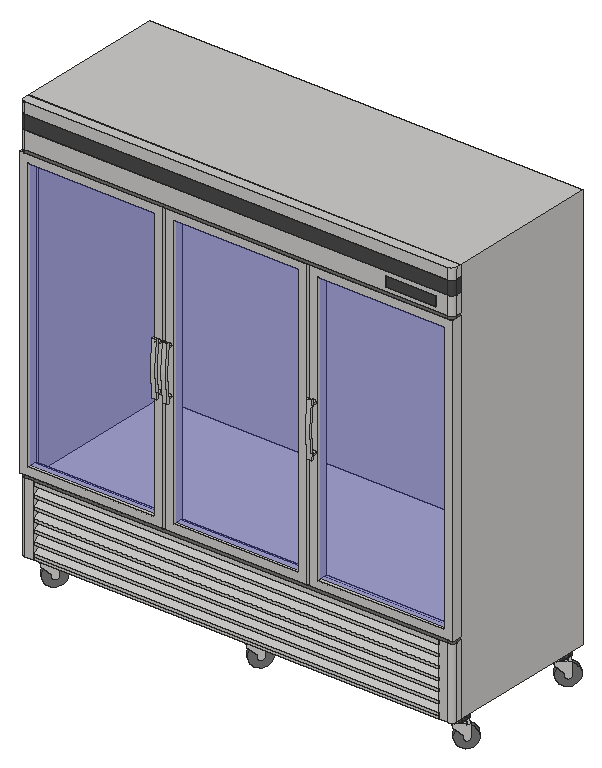
Revit family "QF_Turbo Air_MSR-72G-3", category Specialty Equipment, Revit 2012
Parameters
  Width = 81 7/8"  # constant formula
  Weight in Pounds = 680
  Watermarked By = "http://revitwatermark.com"
  Volts = 115 V
  URL Cutsheet = ""
  URL = ""
  Status [instance] = ""
  Specification by User [instance] = ""
  Specification by Manufacturer [instance] = ""
  Serial Number [instance] = ""
  Revision Code [instance] = ""
  Phase = 1
  Number of Poles [instance] = 1
  NAFEM Spec ID Number [instance] = ""
  Model = "MSR-72G-3"
  Masterspec [instance] = ""
  Manufacturer = "Turbo Air"  # constant formula
  Legs [instance] = [6 Inch Legs]  # no
  Item Number [instance] = "-"
  Installed By [instance] = ""
  HP = "2/3"
  Furnished By [instance] = ""
  Foodservice Equipment Identifier = yes
  FL Amps = 11 A
  Electrical Remarks [instance] = ""
  Electric Connection Type [instance] = ""
  Elec Conn RI Height [instance] = 0"
  Elec Conn Connection Height = 77 7/8"
  Door Height = 54 1/2"
  Description = "Refrigerator, Reach-In"
  Depth = 30 3/4"  # constant formula
  Cycle = 60 Hz
  Conn Plug = "NEMA 5-15P"
  Casters [instance] = or([4 Inch Casters], [5 Inch Casters])  # yes
  CasterLeg Height [instance] = if([4 Inch Casters], 5", if([5 Inch Casters], 5 3/4", 6"))  # 5"
  CSI MasterFormat = "11 41 13"
  Assembly Code = "E1090320"
  Apparent Power = if(Phase = 1, Volts * FL Amps * 1.73, Volts * FL Amps)  # 2188.45 VA
  6 Inch Legs [instance] = no
  5 Inch Casters [instance] = no
  4 Inch Casters [instance] = yes
Reference planes (in)
  plane 1 "BACK": y = 0.375
  plane 2 "BOTTOM": z = 0
  plane 3 "LEFT": x = -21.59155
  plane 4 "RIGHT": x = 60.28345
  plane 5 "FRONT": y = -30.375
  plane 6 "TOP": z = 83.25
  plane 7 "Bottom of Box": z = 6.25
  plane 8 "Back of Door": y = -28.375
  plane 9 "Bottom of Top Reach-In": z = 75.125
  plane 10 "Bottom of Door": z = 20.125
  plane 11 "Bottom of Bottom Reach-In": z = 6.75
  plane 12: z = 19.625
  plane 13: y = 0.125
  plane 14 "Top 1": z = 81.25
  plane 15 "Top 2": z = 78.625
  plane 16: x = 19.34595
  plane 17: x = 5.70012
  plane 18: x = 32.99179
  plane 19: x = 5.95012
  plane 20: x = 5.45012
  plane 21: x = 33.24179
  plane 22: x = 32.74179
  plane 23: z = 74.625
  plane 24: y = -55.875
  plane 25: z = 5
Forms (in)
  Extrusion 1, solid, material "QF_Finishes_Stainless Steel"
    sketch origin (0, -28.375, 0) x (1, 0, 0) y (0, 0, 1)
      loop
        line (-19.02905, 19.625) -> (-19.02905, 18.75) -> (57.72095, 18.75) -> (57.72095, 19.625) -> (-19.02905, 19.625)
    from 0 to 2
  Blend 2, solid, material "QF_Finishes_Stainless Steel"
    base sketch origin (0, -28.375, 1.5) x (1, 0, 0) y (0, 0, 1)
      loop
        line (-19.02905, 17.25) -> (-19.02905, 15.25) -> (57.72095, 15.25) -> (57.72095, 17.25) -> (-19.02905, 17.25)
    top sketch origin (0, -28.375, 1.5) x (1, 0, 0) y (0, 0, 1)
      loop
        line (-19.02905, 15.25) -> (57.72095, 15.25) -> (57.72095, 15.75) -> (-19.02905, 15.75) -> (-19.02905, 15.25)
    from 0 to 2
  Blend 3, solid, material "QF_Finishes_Stainless Steel"
    base sketch origin (0, -28.375, -0.5) x (1, 0, 0) y (0, 0, 1)
      loop
        line (-19.02905, 17.25) -> (-19.02905, 15.25) -> (57.72095, 15.25) -> (57.72095, 17.25) -> (-19.02905, 17.25)
    top sketch origin (0, -28.375, -0.5) x (1, 0, 0) y (0, 0, 1)
      loop
        line (-19.02905, 15.25) -> (57.72095, 15.25) -> (57.72095, 15.75) -> (-19.02905, 15.75) -> (-19.02905, 15.25)
    from 0 to 2
  Blend 4, solid, material "QF_Finishes_Stainless Steel"
    base sketch origin (0, -28.375, -2.5) x (1, 0, 0) y (0, 0, 1)
      loop
        line (-19.02905, 17.25) -> (-19.02905, 15.25) -> (57.72095, 15.25) -> (57.72095, 17.25) -> (-19.02905, 17.25)
    top sketch origin (0, -28.375, -2.5) x (1, 0, 0) y (0, 0, 1)
      loop
        line (-19.02905, 15.25) -> (57.72095, 15.25) -> (57.72095, 15.75) -> (-19.02905, 15.75) -> (-19.02905, 15.25)
    from 0 to 2
  Blend 5, solid, material "QF_Finishes_Stainless Steel"
    base sketch origin (0, -28.375, -4.5) x (1, 0, 0) y (0, 0, 1)
      loop
        line (-19.02905, 17.25) -> (-19.02905, 15.25) -> (57.72095, 15.25) -> (57.72095, 17.25) -> (-19.02905, 17.25)
    top sketch origin (0, -28.375, -4.5) x (1, 0, 0) y (0, 0, 1)
      loop
        line (-19.02905, 15.25) -> (57.72095, 15.25) -> (57.72095, 15.75) -> (-19.02905, 15.75) -> (-19.02905, 15.25)
    from 0 to 2
  Blend 6, solid, material "QF_Finishes_Stainless Steel"
    base sketch origin (0, -28.375, -6.5) x (1, 0, 0) y (0, 0, 1)
      loop
        line (-19.02905, 17.25) -> (-19.02905, 15.25) -> (57.72095, 15.25) -> (57.72095, 17.25) -> (-19.02905, 17.25)
    top sketch origin (0, -28.375, -6.5) x (1, 0, 0) y (0, 0, 1)
      loop
        line (-19.02905, 15.25) -> (57.72095, 15.25) -> (57.72095, 15.75) -> (-19.02905, 15.75) -> (-19.02905, 15.25)
    from 0 to 2
  Blend 7, solid, material "QF_Finishes_Stainless Steel"
    base sketch origin (0, -28.375, -8.5) x (1, 0, 0) y (0, 0, 1)
      loop
        line (-19.02905, 17.25) -> (-19.02905, 15.25) -> (57.72095, 15.25) -> (57.72095, 17.25) -> (-19.02905, 17.25)
    top sketch origin (0, -28.375, -8.5) x (1, 0, 0) y (0, 0, 1)
      loop
        line (-19.02905, 15.25) -> (57.72095, 15.25) -> (57.72095, 15.75) -> (-19.02905, 15.75) -> (-19.02905, 15.25)
    from 0 to 2
  Extrusion 8, solid, material "QF_Finishes_Stainless Steel"
    sketch origin (0, 0.375, 0) x (1, 0, 0) y (0, 0, 1)
      loop
        circle (-17.71449, 77.3727) r 0.25
    from 0 to -0.25
  Extrusion 9, solid, material "QF_Finishes_Stainless Steel"
    sketch origin (0, 0.375, 0) x (1, 0, 0) y (0, 0, 1)
      loop
        line (-21.59155, 83.25) -> (-21.59155, 19.625) -> (60.28345, 19.625) -> (60.28345, 83.25) -> (-21.59155, 83.25)
      loop
        line (58.28345, 20.125) -> (58.28345, 81.25) -> (-19.59155, 81.25) -> (-19.59155, 20.125) -> (58.28345, 20.125)
    from 0 to 28.75
  Extrusion 10, solid, material "QF_Finishes_Stainless Steel"
    sketch origin (0, 0.375, 0) x (1, 0, 0) y (0, 0, 1)
      loop
        line (-19.59155, 81.25) -> (-19.59155, 20.125) -> (58.28345, 20.125) -> (58.28345, 81.25) -> (-19.59155, 81.25)
    from 0 to 0.25
  Extrusion 11, solid, material "QF_Finishes_Stainless Steel"
    sketch origin (0, 0, 6.25) x (0, 1, 0) y (-1, 0, 0)
      loop
        line (0.375, 21.59155) -> (-28.375, 21.59155) -> (-28.375, -60.28345) -> (0.375, -60.28345) -> (0.375, 21.59155)
    from 0 to 13.375
  Extrusion 12, solid, material "QF_Finishes_Stainless Steel"
    sketch origin (0, 0, 6.25) x (0, 1, 0) y (-1, 0, 0)
      loop
        line (-28.375, 21.59155) -> (-29.375, 21.59155)
        arc (-29.375, 21.59155) -> (-30.08211, 21.29865) -> (-30.375, 20.59155) r 1
        line (-30.375, 20.59155) -> (-30.375, 19.02905) -> (-28.375, 19.02905) -> (-28.375, 21.59155)
      loop
        line (-28.375, -60.28345) -> (-28.375, -57.72095) -> (-30.375, -57.72095) -> (-30.375, -59.28345)
        arc (-30.375, -59.28345) -> (-30.08211, -59.99056) -> (-29.375, -60.28345) r 1
        line (-29.375, -60.28345) -> (-28.375, -60.28345)
    from 0 to 13.375
  Extrusion 13, solid, material "QF_Finishes_Stainless Steel"
    sketch origin (0, -30.375, 0) x (1, 0, 0) y (0, 0, 1)
      loop
        line (-19.02905, 6.75) -> (-19.02905, 6.25) -> (57.72095, 6.25) -> (57.72095, 6.75) -> (-19.02905, 6.75)
    from 0 to -2
  Extrusion 14, solid, material "QF_Finishes_Stainless Steel"
    sketch origin (0, 0, 83.25) x (0, 1, 0) y (-1, 0, 0)
      loop
        line (-28.375, 21.59155) -> (-29.375, 21.59155)
        arc (-29.375, 21.59155) -> (-30.08211, 21.29865) -> (-30.375, 20.59155) r 1
        line (-30.375, 20.59155) -> (-30.375, -59.28345)
        arc (-30.375, -59.28345) -> (-30.08211, -59.99056) -> (-29.375, -60.28345) r 1
        line (-29.375, -60.28345) -> (-28.375, -60.28345) -> (-28.375, 21.59155)
    from 0 to -2
  Extrusion 15, solid, material "QF_Finishes_Black"
    sketch origin (0, 0, 81.25) x (-1, 0, 0) y (0, -1, 0)
      loop
        line (21.59155, 28.375) -> (21.59155, 29.375)
        arc (21.59155, 29.375) -> (21.29865, 30.08211) -> (20.59155, 30.375) r 1
        line (20.59155, 30.375) -> (-59.28345, 30.375)
        arc (-59.28345, 30.375) -> (-59.99056, 30.08211) -> (-60.28345, 29.375) r 1
        line (-60.28345, 29.375) -> (-60.28345, 28.375) -> (21.59155, 28.375)
    from 0 to -2.625
  Extrusion 16, solid, material "QF_Finishes_Stainless Steel"
    sketch origin (0, 0, 78.625) x (-1, 0, 0) y (0, -1, 0)
      loop
        line (21.59155, 28.375) -> (21.59155, 29.375)
        arc (21.59155, 29.375) -> (21.29865, 30.08211) -> (20.59155, 30.375) r 1
        line (20.59155, 30.375) -> (-59.28345, 30.375)
        arc (-59.28345, 30.375) -> (-59.99056, 30.08211) -> (-60.28345, 29.375) r 1
        line (-60.28345, 29.375) -> (-60.28345, 28.375) -> (21.59155, 28.375)
    from 0 to -3.5
  Extrusion 17, void
    sketch origin (0, -28.375, 0) x (1, 0, 0) y (0, 0, 1)
      loop
        line (47.65845, 77.75) -> (47.65845, 75.9375) -> (57.15845, 75.9375) -> (57.15845, 77.75) -> (47.65845, 77.75)
    from 0 to 2
  Extrusion 18, solid, material "QF_Finishes_Black"
    sketch origin (0, -28.375, 0) x (1, 0, 0) y (0, 0, 1)
      loop
        line (47.65845, 77.75) -> (47.65845, 75.9375) -> (57.15845, 75.9375) -> (57.15845, 77.75) -> (47.65845, 77.75)
    from 0 to 2
  Extrusion 19, solid, material "QF_Finishes_Dark Grey"
    sketch origin (0, 0, 75.125) x (0, 1, 0) y (-1, 0, 0)
      loop
        line (-28.375, 21.59155) -> (-29.375, 21.59155)
        arc (-29.375, 21.59155) -> (-30.08211, 21.29865) -> (-30.375, 20.59155) r 1
        line (-30.375, 20.59155) -> (-30.375, -59.27304)
        arc (-30.375, -59.27304) -> (-30.08211, -59.98014) -> (-29.375, -60.27304) r 1
        line (-29.375, -60.27304) -> (-28.375, -60.27304) -> (-28.375, 21.59155)
    from 0 to -0.5
  Extrusion 20, solid, material "QF_Finishes_Dark Grey"
    sketch origin (0, 0, 20.125) x (0, 1, 0) y (-1, 0, 0)
      loop
        line (-28.375, 21.59155) -> (-29.375, 21.59155)
        arc (-29.375, 21.59155) -> (-30.08211, 21.29865) -> (-30.375, 20.59155) r 1
        line (-30.375, 20.59155) -> (-30.375, -59.27304)
        arc (-30.375, -59.27304) -> (-30.08211, -59.98014) -> (-29.375, -60.27304) r 1
        line (-29.375, -60.27304) -> (-28.375, -60.27304) -> (-28.375, 21.59155)
    from 0 to -0.5
  Extrusion 21, solid, material "QF_Finishes_Dark Grey"
    sketch origin (0, -28.375, 0) x (1, 0, 0) y (0, 0, 1)
      loop
        line (5.4397, 74.625) -> (5.4397, 20.125) -> (5.95012, 20.125) -> (5.95012, 74.625) -> (5.4397, 74.625)
      loop
        line (32.74179, 75.375) -> (32.74179, 20.125) -> (33.24179, 20.125) -> (33.24179, 75.375) -> (32.74179, 75.375)
    from 0 to 0.65786
  Extrusion 22, solid, material "QF_Finishes_Black"
    sketch origin (-21.59155, 0, 0) x (0, 1, 0) y (0, 0, 1)
      loop
        line (-3.625, 5) -> (-1.625, 5) -> (-1.625, 6.25) -> (-1.75, 6.25) -> (-1.75, 5.125) -> (-3.5, 5.125) -> (-3.5, 6.25) -> (-3.625, 6.25) -> (-3.625, 5)
      loop
        line (-27.625, 5) -> (-25.625, 5) -> (-25.625, 6.25) -> (-25.75, 6.25) -> (-25.75, 5.125) -> (-27.5, 5.125) -> (-27.5, 6.25) -> (-27.625, 6.25) -> (-27.625, 5)
    from 0.5 to 81.375
Cuts and joins
  joined: Extrusion 9, Extrusion 10, Extrusion 11
  Extrusion 17 cuts Extrusion 16
Lines and regions (in)
  symbolic lines
    curve 1: line (60.28345, 0.375, 6.75) -> (-21.59155, 0.375, 6.75)
    curve 2: line (-21.59155, 0.375, 6.75) -> (-21.59155, -28.375, 6.75)
    curve 3: line (60.28345, -28.375, 6.75) -> (60.28345, 0.375, 6.75)
    curve 4: line (60.28345, -29.375, 6.75) -> (60.28345, -28.375, 6.75)
    curve 5: arc (60.28345, -29.375, 6.75) -> (59.99056, -30.08211, 6.75) -> (59.28345, -30.375, 6.75) r 1
    curve 6: line (-20.59155, -30.375, 6.75) -> (59.28345, -30.375, 6.75)
    curve 7: arc (-20.59155, -30.375, 6.75) -> (-21.29865, -30.08211, 6.75) -> (-21.59155, -29.375, 6.75) r 1
    curve 8: line (-21.59155, -28.375, 6.75) -> (-21.59155, -29.375, 6.75)
  symbolic lines, style "QF_Surface Details"
    curve 9: line (-21.59155, -28.375, 6.75) -> (60.28345, -28.375, 6.75)
  symbolic lines, style "QF_Clearances", detail levels coarse
    curve 10: line (-21.59155, -30.375, 75.125) -> (-21.59155, -55.875, 75.125)
    curve 11: line (32.74179, -30.375, 75.125) -> (32.74179, -55.875, 75.125)
    curve 12: line (60.27304, -30.375, 75.125) -> (60.27304, -55.875, 75.125)
    curve 16: arc (5.4397, -30.375, 75.125) -> (-2.3984, -49.14345, 75.125) -> (-21.59155, -55.875, 75.125) r 25
    curve 17: arc (5.95012, -30.375, 75.125) -> (13.70799, -49.04855, 75.125) -> (32.74179, -55.875, 75.125) r 25
    curve 18: arc (33.24179, -30.375, 75.125) -> (41.07989, -49.14345, 75.125) -> (60.27304, -55.875, 75.125) r 25
  symbolic lines, style "QF_Clearances", detail levels medium+fine
    curve 13: line (60.27304, -30.375, 75.125) -> (33.24179, -30.375, 75.125)
    curve 14: line (32.74179, -30.375, 75.125) -> (5.95012, -30.375, 75.125)
    curve 15: line (5.4397, -30.375, 75.125) -> (-21.59155, -30.375, 75.125)
Dimensions and locks (in)
  "Width": plane 4 "RIGHT" to plane 3 "LEFT"
  "Depth": plane 5 "FRONT" to plane 1 "BACK"
  locked: plane 3 "LEFT" to nested 1 at 2
  locked: nested 1 to plane 1 "BACK" at 3
  locked: nested 2 to plane 4 "RIGHT" at 2
  locked: nested 2 to plane 1 "BACK" at 3
  locked: plane 3 "LEFT" to nested 3 at 2
  locked: nested 4 to plane 4 "RIGHT" at 2
  locked: plane 11 "Bottom of Bottom Reach-In" to plane 7 "Bottom of Box" at 0.5
  locked: plane 10 "Bottom of Door" to plane 11 "Bottom of Bottom Reach-In" at 13.375
  locked: plane 10 "Bottom of Door" to plane 12 at 0.5
  locked: Extrusion 1 sketch curve to Extrusion 1 sketch curve at 0.875
  locked: Extrusion 9 sketch curve to Extrusion 9 sketch curve at 2  (x3)
  locked: plane 6 "TOP" to plane 14 "Top 1" at 2
  locked: plane 14 "Top 1" to plane 15 "Top 2" at 2.625
  locked: plane 5 "FRONT" to nested 3 at 3.75
  locked: plane 5 "FRONT" to nested 4 at 3.75
  locked: Extrusion 17 sketch curve to plane 4 "RIGHT" at 3.125
  locked: Extrusion 17 sketch curve to Extrusion 17 sketch curve at 9.5
  locked: Extrusion 18 sketch curve to plane 4 "RIGHT" at 3.125
  locked: Extrusion 18 sketch curve to Extrusion 18 sketch curve at 9.5
  locked: plane 15 "Top 2" to Extrusion 18 sketch curve at 0.875
  locked: Extrusion 18 sketch curve to plane 9 "Bottom of Top Reach-In" at 0.8125
  locked: plane 15 "Top 2" to Extrusion 17 sketch curve at 0.875
  locked: Extrusion 17 sketch curve to plane 9 "Bottom of Top Reach-In" at 0.8125
  equal spacing: plane 3 "LEFT", plane 16, plane 4 "RIGHT"
  locked: plane 5 "FRONT" to nested 6 at 3.75
  locked: nested 5 to plane 1 "BACK" at 3
  equal spacing: plane 3 "LEFT", plane 17, plane 18, plane 4 "RIGHT"
  plane 21 to plane 4 "RIGHT" = 27.04167"
  locked: plane 9 "Bottom of Top Reach-In" to plane 23 at 0.5
  plane 24 to plane 5 "FRONT" = 25 1/2"
  locked: plane 23 to plane 10 "Bottom of Door" at 54.5
  locked: plane 15 "Top 2" to plane 9 "Bottom of Top Reach-In" at 3.5
  plane 13 to plane 1 "BACK" = 1/4"
  locked: plane 5 "FRONT" to plane 8 "Back of Door" at 2
  locked: plane 7 "Bottom of Box" to plane 25 at 1.25
  "CasterLeg Height": plane 25 to level
  locked: Extrusion 22 sketch curve to plane 25 at 0.125  (x2)
  locked: plane 4 "RIGHT" to Extrusion 22 at 0.5
  aligned and locked: level to plane 2 "BOTTOM"
  aligned and locked: plane 5 "FRONT" to Extrusion 1
  aligned and locked: Blend 2 sketch curve to var sketch  (x2)
  aligned and locked: plane 5 "FRONT" to Blend 2
  aligned and locked: Blend 3 sketch curve to var sketch  (x2)
  aligned and locked: Blend 4 sketch curve to var sketch  (x2)
  aligned and locked: Blend 5 sketch curve to var sketch  (x2)
  aligned and locked: Blend 6 sketch curve to var sketch  (x2)
  aligned and locked: Blend 7 sketch curve to var sketch  (x2)
  aligned and locked: Extrusion 9 sketch curve to plane 4 "RIGHT"
  aligned and locked: plane 12 to Extrusion 9 sketch curve
  aligned and locked: Extrusion 10 sketch curve to Extrusion 9  (x4)
  aligned and locked: plane 13 to Extrusion 10
  aligned and locked: Extrusion 11 sketch curve to curve 1
  aligned and locked: Extrusion 11 sketch curve to curve 2
  aligned and locked: Extrusion 11 sketch curve to curve 3
  aligned and locked: plane 12 to Extrusion 11
  aligned and locked: Extrusion 12 sketch curve to plane 3 "LEFT"
  aligned and locked: Extrusion 12 sketch curve to plane 5 "FRONT"
  aligned and locked: Extrusion 12 sketch curve to plane 4 "RIGHT"
  aligned and locked: plane 5 "FRONT" to Extrusion 12 sketch curve
  aligned and locked: plane 12 to Extrusion 12
  aligned and locked: Extrusion 13 sketch curve to Blend 7  (x2)
  aligned and locked: Extrusion 13 sketch curve to Extrusion 12
  aligned and locked: Extrusion 12 to Extrusion 13 sketch curve
  aligned and locked: Extrusion 13 to plane 8 "Back of Door"
  aligned and locked: plane 8 "Back of Door" to Extrusion 9
  aligned and locked: Extrusion 14 sketch curve to curve 9
  aligned and locked: Extrusion 14 sketch curve to curve 2
  aligned and locked: Extrusion 14 sketch curve to plane 5 "FRONT"
  aligned and locked: Extrusion 14 sketch curve to plane 4 "RIGHT"
  aligned and locked: Extrusion 14 to plane 14 "Top 1"
  aligned and locked: Extrusion 15 sketch curve to plane 4 "RIGHT"
  aligned and locked: Extrusion 15 sketch curve to plane 5 "FRONT"
  aligned and locked: plane 8 "Back of Door" to Extrusion 15 sketch curve
  aligned and locked: plane 3 "LEFT" to Extrusion 15 sketch curve
  aligned and locked: Extrusion 15 to plane 15 "Top 2"
  aligned and locked: Extrusion 16 sketch curve to curve 9
  aligned and locked: Extrusion 16 sketch curve to curve 2
  aligned and locked: Extrusion 16 sketch curve to plane 5 "FRONT"
  aligned and locked: Extrusion 16 sketch curve to plane 4 "RIGHT"
  aligned and locked: Extrusion 16 to plane 9 "Bottom of Top Reach-In"
  aligned and locked: plane 5 "FRONT" to Extrusion 17
  aligned and locked: plane 5 "FRONT" to Extrusion 18
  aligned and locked: plane 5 "FRONT" to Blend 3
  aligned and locked: plane 5 "FRONT" to Blend 4
  aligned and locked: plane 5 "FRONT" to Blend 5
  aligned and locked: plane 5 "FRONT" to Blend 6
  aligned and locked: plane 5 "FRONT" to Blend 7
  aligned and locked: plane 16 to nested 5
  aligned and locked: plane 16 to nested 6
  aligned and locked: Extrusion 19 to plane 23
  aligned and locked: Extrusion 20 sketch curve to curve 9
  aligned and locked: Extrusion 20 sketch curve to curve 2
  aligned and locked: Extrusion 20 to plane 12
  aligned and locked: Extrusion 21 sketch curve to plane 23
  aligned and locked: nested 7 to plane 5 "FRONT"
  aligned and locked: plane 5 "FRONT" to nested 8
  aligned and locked: plane 5 "FRONT" to nested 9
  aligned and locked: nested 7 to plane 8 "Back of Door"
  aligned and locked: plane 8 "Back of Door" to nested 8
  aligned and locked: plane 8 "Back of Door" to nested 9
  aligned and locked: nested 7 to plane 23
  aligned and locked: plane 10 "Bottom of Door" to nested 7
  aligned and locked: plane 23 to nested 8
  aligned and locked: nested 8 to plane 10 "Bottom of Door"
  aligned and locked: plane 23 to nested 9
  aligned and locked: nested 9 to plane 10 "Bottom of Door"
  aligned and locked: plane 3 "LEFT" to nested 7
  aligned and locked: plane 20 to nested 7
  aligned and locked: plane 19 to nested 8
  aligned and locked: plane 22 to nested 8
  aligned and locked: plane 21 to nested 9
  aligned and locked: plane 4 "RIGHT" to nested 9
  aligned and locked: Extrusion 22 sketch curve to plane 7 "Bottom of Box"  (x4)
  aligned and locked: plane 25 to Extrusion 22 sketch curve  (x2)
Automatic sketch dimensions
  Blend 2 sketch curve to plane 12 = 2 7/8"  (x2)
  Blend 2 sketch curve to plane 12 = 7/8"
  Blend 2 sketch curve to Blend 2 sketch curve = 1/2"
  plane 3 "LEFT" to Blend 3 sketch curve = 2 9/16"
  Blend 3 sketch curve to plane 4 "RIGHT" = 2 9/16"
  Blend 3 sketch curve to plane 12 = 4 7/8"  (x2)
  Blend 3 sketch curve to Blend 3 sketch curve = 2"
  Blend 3 sketch curve to Blend 3 sketch curve = 1/2"
  plane 3 "LEFT" to Blend 4 sketch curve = 2 9/16"
  Blend 4 sketch curve to plane 4 "RIGHT" = 2 9/16"
  plane 11 "Bottom of Bottom Reach-In" to Blend 4 sketch curve = 6"  (x2)
  Blend 4 sketch curve to Blend 4 sketch curve = 2"
  Blend 4 sketch curve to Blend 4 sketch curve = 1/2"
  plane 3 "LEFT" to Blend 5 sketch curve = 2 9/16"
  Blend 5 sketch curve to plane 4 "RIGHT" = 2 9/16"
  plane 11 "Bottom of Bottom Reach-In" to Blend 5 sketch curve = 4"  (x2)
  Blend 5 sketch curve to Blend 5 sketch curve = 2"
  Blend 5 sketch curve to Blend 5 sketch curve = 1/2"
  plane 3 "LEFT" to Blend 6 sketch curve = 2 9/16"
  Blend 6 sketch curve to plane 4 "RIGHT" = 2 9/16"
  plane 11 "Bottom of Bottom Reach-In" to Blend 6 sketch curve = 2"  (x2)
  Blend 6 sketch curve to Blend 6 sketch curve = 2"
  Blend 6 sketch curve to Blend 6 sketch curve = 1/2"
  Blend 7 sketch curve to plane 11 "Bottom of Bottom Reach-In" = 0"  (x2)
  plane 3 "LEFT" to Blend 7 sketch curve = 2 9/16"
  Blend 7 sketch curve to plane 4 "RIGHT" = 2 9/16"
  plane 11 "Bottom of Bottom Reach-In" to Blend 7 sketch curve = 2"
  plane 11 "Bottom of Bottom Reach-In" to Blend 7 sketch curve = 1/2"
  plane 8 "Back of Door" to curve 9 = 0"
  plane 3 "LEFT" to curve 7 = 1"
  curve 4 to plane 5 "FRONT" = 1"
  plane 3 "LEFT" to Extrusion 8 sketch curve = 3.87706"
  plane 9 "Bottom of Top Reach-In" to Extrusion 8 sketch curve = 2.2477"
  plane 1 "BACK" to curve 2 = 0"
  Extrusion 1 sketch curve to plane 12 = 0"
  plane 8 "Back of Door" to Extrusion 12 sketch curve = 0"  (x2)
  Extrusion 12 sketch curve to Extrusion 12 sketch curve = 1 9/16"  (x2)
  Extrusion 9 sketch curve to plane 10 "Bottom of Door" = 0"
  plane 5 "FRONT" to curve 7 = 0"
  curve 8 to plane 3 "LEFT" = 0"
  curve 1 to plane 4 "RIGHT" = 0"
  Extrusion 9 sketch curve to plane 3 "LEFT" = 0"
  Extrusion 9 sketch curve to plane 14 "Top 1" = 0"
  plane 8 "Back of Door" to Extrusion 11 sketch curve = 0"
  Extrusion 14 sketch curve to plane 5 "FRONT" = 1"  (x2)
  Extrusion 1 sketch curve to plane 4 "RIGHT" = 2 9/16"
  Blend 2 sketch curve to plane 4 "RIGHT" = 2 9/16"
  Extrusion 12 sketch curve to plane 4 "RIGHT" = 1"
  Extrusion 15 sketch curve to Extrusion 15 sketch curve = 1"
  Extrusion 16 sketch curve to plane 4 "RIGHT" = 1"
  plane 3 "LEFT" to Extrusion 1 sketch curve = 2 9/16"
  plane 3 "LEFT" to Blend 2 sketch curve = 2 9/16"
  plane 3 "LEFT" to Extrusion 12 sketch curve = 1"
  plane 3 "LEFT" to Extrusion 15 sketch curve = 1"
  plane 3 "LEFT" to Extrusion 16 sketch curve = 1"
  plane 5 "FRONT" to Extrusion 19 sketch curve = 0"
  Extrusion 19 sketch curve to plane 3 "LEFT" = 0"
  plane 8 "Back of Door" to Extrusion 19 sketch curve = 0"
  Extrusion 19 sketch curve to plane 5 "FRONT" = 1"  (x2)
  Extrusion 19 sketch curve to plane 4 "RIGHT" = 0.01042"
  Extrusion 20 sketch curve to plane 5 "FRONT" = 1"  (x2)
  Extrusion 21 sketch curve to plane 10 "Bottom of Door" = 0"  (x2)
  curve 10 to plane 3 "LEFT" = 0"
  plane 24 to curve 10 = 0"
  curve 11 to plane 22 = 0"
  plane 24 to curve 11 = 0"
  plane 24 to curve 12 = 0"
  plane 5 "FRONT" to curve 12 = 0"
  plane 5 "FRONT" to curve 15 = 0"
  plane 5 "FRONT" to curve 11 = 0"
  curve 18 to plane 21 = 0"
  curve 17 to plane 19 = 0"
  plane 5 "FRONT" to curve 16 = 0.58321"
  plane 5 "FRONT" to curve 17 = 0.56474"
  plane 8 "Back of Door" to curve 18 = 2.58321"
  curve 12 to plane 4 "RIGHT" = 0.01042"
  curve 16 to plane 20 = 0.01042"
  plane 5 "FRONT" to Extrusion 20 sketch curve = 0"
  Extrusion 20 sketch curve to plane 4 "RIGHT" = 1.01042"
  Extrusion 21 sketch curve to plane 19 = 0"
  Extrusion 21 sketch curve to plane 22 = 0"
  Extrusion 21 sketch curve to plane 21 = 0"
  Extrusion 21 sketch curve to plane 20 = 0.01042"
  plane 9 "Bottom of Top Reach-In" to Extrusion 21 sketch curve = 1/4"
  Extrusion 22 sketch curve to plane 8 "Back of Door" = 3/4"
  Extrusion 22 sketch curve to Extrusion 22 sketch curve = 1/8"  (x4)
  Extrusion 22 sketch curve to Extrusion 22 sketch curve = 1 3/4"  (x2)
  plane 13 to Extrusion 22 sketch curve = 3 3/4"
  radius of Extrusion 8 sketch curve = 1/4"
Nested families (in)
  nested 1: "FESCasterLeg" at (-19.59155, -2.625, 0), Height <- "CasterLeg Height", Legs <- "Legs", Casters <- "Casters", type "FESCasterLeg"
    with Legs no, Height 5", Casters yes, Caster Radius 2"
  nested 2: "FESCasterLeg" at (58.28345, -2.625, 0), Height <- "CasterLeg Height", Legs <- "Legs", Casters <- "Casters", type "FESCasterLeg"
    with Legs no, Height 5", Casters yes, Caster Radius 2"
  nested 3: "FESCasterLeg" at (-19.59155, -26.625, 0), Height <- "CasterLeg Height", Legs <- "Legs", Casters <- "Casters", type "FESCasterLeg"
    with Legs no, Height 5", Casters yes, Caster Radius 2"
  nested 4: "FESCasterLeg" at (58.28345, -26.625, 0), Height <- "CasterLeg Height", Legs <- "Legs", Casters <- "Casters", type "FESCasterLeg"
    with Legs no, Height 5", Casters yes, Caster Radius 2"
  nested 5: "FESCasterLeg" at (19.34595, -2.625, 0), Height <- "CasterLeg Height", Legs <- "Legs", Casters <- "Casters", type "FESCasterLeg"
    with Legs no, Height 5", Casters yes, Caster Radius 2"
  nested 6: "FESCasterLeg" at (19.34595, -26.625, 0), Height <- "CasterLeg Height", Legs <- "Legs", Casters <- "Casters", type "FESCasterLeg"
    with Legs no, Height 5", Casters yes, Caster Radius 2"
  nested 7: "QF_Turbo Air_MSRG_Glass-Door" at (-9.72654, -28.375, 20.125) x (-1, 0, 0) z (0, 0, 1), Height <- "Door Height", type "QF_Turbo Air_MSRG_Glass-Door"
    with Width 27.04167", Symbolic Lines yes, Height 54 1/2", Depth 2"
  nested 8: "QF_Turbo Air_MSRG_Glass-Door" at (21.12679, -28.375, 20.125), Height <- "Door Height", type "QF_Turbo Air_MSRG_Glass-Door"
    with Width 26.79167", Symbolic Lines yes, Height 54 1/2", Depth 2"
  nested 9: "QF_Turbo Air_MSRG_Glass-Door" at (48.41845, -28.375, 20.125), Height <- "Door Height", type "QF_Turbo Air_MSRG_Glass-Door"
    with Width 27.04167", Symbolic Lines yes, Height 54 1/2", Depth 2"
Connectors (in)
  electrical at (-17.71449, 0.625, 77.3727), driven by "Number of Poles", driven by "Volts", driven by "Apparent Power"
    settings: on Extrusion 8, index 1, voltage 115 V, apparent load 2188.45 VA, apparent load phase1 0 VA, apparent load phase2 0 VA, apparent load phase3 0 VA, power factor 1, load classification "Other", number of poles 1, system type 30, power factor state 1, is connector primary yes, connector utility no, sub classification motor no, connector description "ELECTRIC"
Definition of nested family "FESCasterLeg"
  Parameters (values of type "FESCasterLeg")
    Watermarked By = "http://revitwatermark.com"
    Type Comments = "⍁⍉⌁⌀⏭⎽⌇⍠⌜⍉⎖⌥⌦⌯⍭⏊⍻⍿⍊⏵⍊⏗⏠⍴⎡⌈⎀⍠⌓⌤⏘⎐⍀⌐⏬⏁⎈⏍⏦⎒⏬⌝⍩⍇⌣〈⎫〉⎁⏊⍥⍖⍥⍝⍦⌖⍀⏌⏭⎝⎼⏷⏞⍻⏯⎽⏷⏞⍻⏯⎽⏷⎺⌻⎝⍎⌧⏷⏟⏿⌿⍜⍦⍤⌁⍬⏶⏎⍊⏚⏉⎞⌡⎀⎪⏈⌟⌿⍾⍼⌟⌿⌢⌞⏜⏝⎽⍷⍷⍯⍧⍷⌯⍽⏸⏨⏾⏎⌣⏺⍹⏼⏅⎏⌽⎫⎪⍙⎓⏗⎗⏅⌴⍏⍏⍿⏑⎺⍘⌭⏲⍥⎛⎾⎾⍞⍌⎪⎲⌙⎥⏏⎟⎟⏼⏘⎏⎝⏧⏍⏁⍏⍧⏯⏾⌟"
    Legs [instance] = yes
    Height [instance] = 6"
    Caster Radius [instance] = if(Height < 3", 1", (Height / 2) - 1/2")  # 2 1/2"
    Casters [instance] = yes
    Assembly Code = ""
  Reference planes (in)
    plane 1 "Center (Front/Back)": y = 0
    plane 2: z = 0
    plane 3 "Center (Left/Right)": x = 0
    plane 4: z = 6
    plane 5: z = 5.5
  Forms (in)
    Extrusion 1, solid, material "QF_Finishes_Stainless Steel", visible <- "Casters"
      sketch origin (-24.12131, -22.88887, 10.18833) x (0.707107, 0.707107, 0) y (0, 0, 1)
        loop
          line (34.98772, -7.68833) -> (34.98772, -4.93833) -> (34.48772, -4.93833) -> (34.39402, -4.68833) -> (32.39402, -4.68833) -> (32.39402, -5.43833) -> (33.98772, -7.34206) -> (33.98772, -7.68833)
          arc (33.98772, -7.68833) -> (34.48772, -8.18833) -> (34.98772, -7.68833) r 0.5
      from 0 to 1.75
    Extrusion 2, solid, material "QF_Finishes_Rubber Black", visible <- "Casters"
      sketch origin (-24.32327, -23.09083, 13.31461) x (0.707107, 0.707107, 0) y (0, 0, 1)
        loop
          circle (34.77334, -10.81461) r 2.5
      from 0.375 to 1.375
    Extrusion 3, solid, material "QF_Finishes_Stainless Steel", visible <- "Casters"
      sketch origin (-7.24148, -8.48391, 0) x (0.707107, 0.707107, 0) y (0, 0, 1)
        loop
          line (10.61603, 5.5) -> (11.61603, 5.5) -> (11.61603, 6) -> (10.61603, 6) -> (10.61603, 5.5)
      from 0 to -1.75
    Blend 4, solid, material "QF_Finishes_Stainless Steel", visible <- "Legs"
      base sketch origin (0, 0, 0) x (1, 0, 0) y (0, 1, 0)
        loop
          circle (0, 0) r 0.5
      top sketch origin (0, 0, 0) x (1, 0, 0) y (0, 1, 0)
        loop
          circle (0, 0) r 1
      from 0 to 6 <- "Height"
  Lines and regions (in)
    symbolic lines, style "QF_Hidden Details", visible <- "Casters", built-in parameter 1006206 <- "Casters"
      curve 1: line (-1.26158, -0.51911, 0) -> (1.39007, 2.13254, 0)
      curve 2: line (-0.53429, -1.24639, 0) -> (2.11736, 1.40526, 0)
    symbolic lines, style "QF_Hidden Details", built-in parameter 1006206 <- "Casters", visible <- "Casters"
      curve 3: line (-1.26158, -0.51911, 0) -> (1.39007, 2.13254, 0)
      curve 4: line (-0.53429, -1.24639, 0) -> (2.11736, 1.40526, 0)
  Dimensions and locks (in)
    locked: plane 4 to plane 5 at 0.5
    "Height": plane 4 to level
    "Caster Radius": Extrusion 2 sketch curve to level
    "Caster Radius": Extrusion 1 sketch curve to level
    "Caster Radius": radius of Extrusion 2 sketch curve
    aligned and locked: plane 2 to level
    aligned: Blend 4 to Extrusion 3
    aligned and locked: plane 4 to Blend 4
    aligned and locked: Extrusion 3 to plane 5
    aligned and locked: plane 4 to Extrusion 3
    aligned and locked: plane 5 to Extrusion 1
  Automatic sketch dimensions
    plane 1 "Center (Front/Back)" to curve 3 = 0.51911"
    curve 3 to plane 3 "Center (Left/Right)" = 1.26158"
    plane 1 "Center (Front/Back)" to curve 1 = 0.51911"
    curve 1 to curve 3 = 0"  (x3)
    curve 4 to plane 3 "Center (Left/Right)" = 0.53429"
    curve 2 to curve 4 = 0"  (x2)
    plane 3 "Center (Left/Right)" to curve 3 = 1.39007"
    curve 1 to curve 4 = 0.72729"
    curve 2 to curve 1 = 0.72729"
    curve 4 to curve 2 = 0"  (x2)
    curve 2 to plane 1 "Center (Front/Back)" = 1.40526"
    curve 2 to curve 3 = 0.72729"
    plane 5 to Extrusion 1 sketch curve = 0"
    Extrusion 1 sketch curve to Extrusion 1 sketch curve = 1.5937"
    Extrusion 1 sketch curve to Extrusion 1 sketch curve = 2"
    Extrusion 1 sketch curve to Extrusion 1 sketch curve = 0.0937"
    Extrusion 1 sketch curve to Extrusion 1 sketch curve = 1/2"
    Extrusion 1 sketch curve to Extrusion 1 sketch curve = 0.34627"
    Extrusion 1 sketch curve to plane 5 = 3/4"
    Extrusion 1 sketch curve to plane 5 = 1/4"
    Extrusion 3 sketch curve to plane 5 = 0"
    plane 4 to Extrusion 3 sketch curve = 0"
    Extrusion 3 sketch curve to Extrusion 3 sketch curve = 1"
    plane 1 "Center (Front/Back)" to Blend 4 sketch curve = 0"  (x2)
    Blend 4 sketch curve to plane 3 "Center (Left/Right)" = 0"  (x2)
    radius of Blend 4 sketch curve = 1/2"
    radius of Blend 4 sketch curve = 1"
Definition of nested family "QF_Turbo Air_MSRG_Glass-Door"
  Parameters (values of type "QF_Turbo Air_MSRG_Glass-Door")
    Width [instance] = 28 3/4"
    Watermarked By = "http://revitwatermark.com"
    Symbolic Lines [instance] = yes
    Manufacturer = "Turbo Air"  # constant formula
    Height [instance] = 63 1/4"
    Depth [instance] = 1 13/16"
  Reference planes (in)
    plane 1 "BACK": y = 0
    plane 2: z = 0
    plane 3 "LEFT": x = -15.17667
    plane 4: x = 13.57333
    plane 5 "FRONT": y = -1.8125
    plane 6: z = 63.25
    plane 7 "Top of Handle": z = 36.75
    plane 8 "Bottom of Handle": z = 26.5
    plane 9 "Center of Handle": z = 31.625
    plane 10: x = -13.67667
    plane 11: x = 12.07333
    plane 12: z = 61.75
    plane 13: z = 1.5
    plane 14 "Handle": x = -14.42667
  Forms (in)
    Extrusion 1, solid, material "QF_Finishes_Stainless Steel"
      sketch origin (0, 0, 0) x (1, 0, 0) y (0, 0, 1)
        loop
          line (-15.17667, 63.25) -> (-15.17667, 0) -> (13.57333, 0) -> (13.57333, 63.25) -> (-15.17667, 63.25)
        loop
          line (-13.67667, 61.75) -> (-13.67667, 1.5) -> (12.07333, 1.5) -> (12.07333, 61.75) -> (-13.67667, 61.75)
      from 0 to 1.8125
    Extrusion 2, solid, material "QF_Finishes_Glass"
      sketch origin (0, 0, 0) x (1, 0, 0) y (0, 0, 1)
        loop
          line (-13.67667, 61.75) -> (-13.67667, 1.5) -> (12.07333, 1.5) -> (12.07333, 61.75) -> (-13.67667, 61.75)
      from 0.5 to 1.3125
    Extrusion 3, solid, material "QF_Finishes_Polished Steel"
      sketch origin (-14.42667, 0, 0) x (0, 1, 0) y (0, 0, 1)
        loop
          line (-2.55915, 36.75) -> (-2.875, 36.75)
          arc (-2.875, 36.75) -> (-3.24755, 31.625) -> (-2.875, 26.5) r 35.4375
          line (-2.875, 26.5) -> (-2.55915, 26.5)
          arc (-2.55915, 26.5) -> (-2.93505, 31.625) -> (-2.55915, 36.75) r 35.125
      from -0.4375 to 0.4375
    Extrusion 4, solid, material "QF_Finishes_Polished Steel"
      sketch origin (0, -1.8125, 0) x (1, 0, 0) y (0, 0, 1)
        loop
          circle (-14.42667, 35.9375) r 0.375
        loop
          circle (-14.42667, 27.3125) r 0.375
      from 0 to 1
  Lines and regions (in)
    symbolic lines, visible <- "Symbolic Lines"
      curve 1: line (-15.17667, 0, 26.5) -> (13.57333, 0, 26.5)
      curve 2: line (-15.17667, -1.8125, 26.5) -> (-15.17667, 0, 26.5)
      curve 3: line (13.57333, -1.8125, 26.5) -> (-15.17667, -1.8125, 26.5)
      curve 4: line (13.57333, 0, 26.5) -> (13.57333, -1.8125, 26.5)
      curve 5: line (-14.86417, -2.55915, 26.5) -> (-14.86417, -3.24755, 26.5)
      curve 6: line (-13.98917, -3.24755, 26.5) -> (-13.98917, -2.55915, 26.5)
      curve 7: line (-14.86417, -2.55915, 26.5) -> (-13.98917, -2.55915, 26.5)
      curve 8: line (-14.86417, -3.24755, 26.5) -> (-13.98917, -3.24755, 26.5)
      curve 9: line (-14.05167, -1.8125, 26.5) -> (-14.05167, -2.55915, 26.5)
      curve 10: line (-14.80167, -1.8125, 26.5) -> (-14.80167, -2.55915, 26.5)
  Dimensions and locks (in)
    "Width": plane 4 to plane 3 "LEFT"
    "Depth": plane 5 "FRONT" to plane 1 "BACK"
    "Height": plane 6 to plane 2
    locked: plane 7 "Top of Handle" to plane 8 "Bottom of Handle" at 10.25
    equal spacing: plane 7 "Top of Handle", plane 9 "Center of Handle", plane 8 "Bottom of Handle"
    locked: plane 13 to level at 1.5
    locked: plane 6 to plane 12 at 1.5
    equal spacing: plane 6, plane 9 "Center of Handle", level
    plane 13 to plane 8 "Bottom of Handle" = 25"
    plane 3 "LEFT" to plane 14 "Handle" to plane 10 = 3/4" locked, 3/4" locked
    locked: plane 3 "LEFT" to plane 10 at 1.5
    locked: plane 11 to plane 4 at 1.5
    locked: plane 1 "BACK" to Extrusion 2 at 0.5
    locked: Extrusion 2 to plane 5 "FRONT" at 0.5
    locked: Extrusion 3 sketch curve to plane 5 "FRONT" at 0.74665  (x2)
    locked: Extrusion 3 sketch curve to plane 5 "FRONT" at 1.0625  (x2)
    locked: plane 7 "Top of Handle" to Extrusion 4 sketch curve at 0.8125
    locked: Extrusion 4 sketch curve to plane 8 "Bottom of Handle" at 0.8125
    equal spacing: plane 10, Extrusion 4 sketch curve, plane 3 "LEFT"  (x2)
    aligned and locked: level to plane 2
    aligned and locked: Extrusion 1 sketch curve to plane 6
    aligned and locked: plane 3 "LEFT" to Extrusion 1 sketch curve
    aligned and locked: level to Extrusion 1 sketch curve
    aligned and locked: Extrusion 1 sketch curve to plane 4
    aligned and locked: plane 5 "FRONT" to Extrusion 1
    aligned and locked: Extrusion 1 sketch curve to plane 12
    aligned and locked: plane 10 to Extrusion 1 sketch curve
    aligned and locked: plane 13 to Extrusion 1 sketch curve
    aligned and locked: Extrusion 1 sketch curve to plane 11
    aligned and locked: Extrusion 2 sketch curve to plane 12
    aligned and locked: plane 10 to Extrusion 2 sketch curve
    aligned and locked: Extrusion 2 sketch curve to plane 11
    aligned and locked: plane 13 to Extrusion 2 sketch curve
    aligned and locked: plane 7 "Top of Handle" to Extrusion 3 sketch curve
    aligned and locked: plane 8 "Bottom of Handle" to Extrusion 3 sketch curve
    aligned and locked: plane 3 "LEFT" to curve 2
    aligned and locked: plane 1 "BACK" to curve 1
    aligned and locked: curve 4 to plane 4
    aligned and locked: curve 3 to plane 5 "FRONT"
    aligned and locked: curve 5 to Extrusion 3
    aligned and locked: curve 6 to Extrusion 3
    aligned and locked: curve 7 to Extrusion 3
  Automatic sketch dimensions
    Extrusion 3 sketch curve to plane 7 "Top of Handle" = 0"
    Extrusion 3 sketch curve to Extrusion 3 sketch curve = 0"
    Extrusion 3 sketch curve to plane 1 "BACK" = 32.18995"
    curve 8 to curve 5 = 0.6884"
    curve 6 to curve 9 = 1/16"
    curve 10 to curve 5 = 1/16"
    radius of Extrusion 4 sketch curve = 3/8"  (x2)
